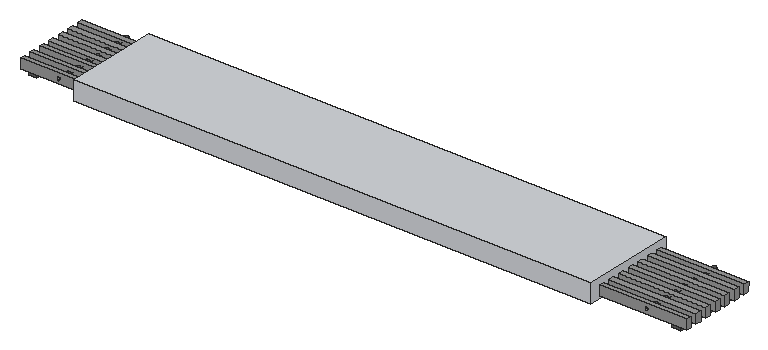
Revit family "1212-7, Veneer", category Generic Models, host Face, Revit 2020
Family settings
  Host = Face
  Can host rebar = No
  Round Connector Dimension = Use Diameter
  Part Type = Normal
  Cut with Voids When Loaded = No
  Shared = No
  Room Calculation Point = No
Parameters
  min_value [instance] = 1' - 11 1/4"  # constant formula
  max_value [instance] = 9' - 11 1/4"  # constant formula
  actual_value [instance] = if(NET LENGTH < min_value, min_value, if(NET LENGTH > max_value, max_value, NET LENGTH))  # 7' - 11 1/4"
  NET LENGTH [instance] = 7' - 11 1/4"
  IMPORTANT NOTE!!!                                                                             *Backer & dowel layout is for visualization purposes only, final layout to be determined by 9Wood. [instance] = ""
  Default Elevation = 4' - 0"
  DOWEL RADIUS [instance] = 0' - 0 1/4"  # constant formula
  BACKING M MATERIAL [instance] = BLACK-BACKERS
  .. MEMBER WIDTH [instance] = 0' - 0 3/4"  # constant formula
  .. MEMBER MATERIAL [instance] = Veneer Cherry
  .. MEMBER DEPTH [instance] = 0' - 1 3/8"  # constant formula
  .. MEMBER COUNT [instance] = 7  # constant formula
Reference planes (in)
  plane 1 "Center (Front/Back)": y = 0
  plane 2: z = 2.726
  plane 3 "Center (Left/Right)": x = 0
Forms (in)
  Extrusion 1, solid
    sketch origin (15, -0.86619, -0.99308) x (0, 1, 0) y (-1, 0, 0)
      loop
        line (3.42869, -23.66817) -> (3.42869, 50.25) -> (-10, 50.25) -> (-10, -23.66817) -> (3.42869, -23.66817)
    from 3.71908 to 1.00111
Dimensions and locks (in)
  aligned and locked: plane 2 to Extrusion 1
Nested families (in)
  nested 1: "1200 Series" at (-44, -2, 1.87867), NET LENGTH <- "actual_value", DOWEL RADII <- "DOWEL RADIUS", .. MEMBER WIDTH <- ".. MEMBER WIDTH", .. MEMBER DEPTH <- ".. MEMBER DEPTH", .. MEMBER MATERIAL <- ".. MEMBER MATERIAL", BACKING M MATERIAL <- "BACKING M MATERIAL", .. MEMBER COUNT <- ".. MEMBER COUNT", type "1200 Series"
    with X 7' - 4", WIDTH 1' - 0 1/16", Space 0' - 0 11/16", START 0' - 0 3/8", SCRIM MATERIAL SCRIM, SCRIM 3 8' - 1", SCRIM 2 0' - 0 7/8", SCRIM 1 0' - 0 3/32", SCRIM yes, NET LENGTH 7' - 11 1/4", N 8, INSET 3 0' - 0 3/16", INSET 0' - 1", INDEX 0' - 5 5/8", END BACKER yes, DOWEL RADII 0' - 0 1/4", DOWEL COUNT 8, BACKING M WIDTH 0' - 1 1/4", BACKING M MATERIAL BLACK-BACKERS, BACKING M LENGTH 0' - 11 7/8", BACKING M DEPTH 0' - 0 1/2", .. MEMBER WIDTH 0' - 0 3/4", .. MEMBER OC TYP 0' - 1.71429", .. MEMBER MATERIAL Veneer Cherry, .. MEMBER DEPTH 0' - 1 3/8", .. MEMBER COUNT 7
Definition of nested family "1200 Series"
  Parameters (values of type "1200 Series")
    X [instance] = NET LENGTH - (0' 3 5/8" * 2)  # 6' - 2"
    WIDTH [instance] = 1' - 0 1/16"
    Space [instance] = 0' - 0 11/16"  # constant formula
    START [instance] = .. MEMBER WIDTH / 2  # 0' - 0 3/8"
    SCRIM MATERIAL [instance] = none
    SCRIM 3 [instance] = NET LENGTH + (SCRIM 2 * 2)  # 6' - 11"
    SCRIM 2 [instance] = 0' - 0 7/8"
    SCRIM 1 [instance] = 0' - 0 3/32"
    SCRIM [instance] = yes
    NET LENGTH [instance] = 6' - 9 1/4"
    N [instance] = if((X - (rounddown(X / 1' 0") * 1' 0")) > 1' 0", rounddown(X / 1' 0") + 2, rounddown(X / 1' 0") + 1)  # 7
    INSET 3 [instance] = 0' - 0 3/16"
    INSET [instance] = 0' - 1"
    INDEX [instance] = (NET LENGTH - ((N - 1) * 1' 0")) / 2  # 0' - 4 5/8"
    END BACKER [instance] = yes
    Default Elevation = 0' - 0"
    DOWEL RADII [instance] = 0' - 0 1/4"
    DOWEL COUNT [instance] = N  # 7
    BACKING M WIDTH [instance] = 0' - 1 1/4"
    BACKING M MATERIAL [instance] = none
    BACKING M LENGTH [instance] = 0' - 11 7/8"
    BACKING M DEPTH [instance] = 0' - 0 1/2"
    .. MEMBER WIDTH [instance] = 0' - 0 3/4"
    .. MEMBER OC TYP [instance] = 1' 0" / .. MEMBER COUNT  # 0' - 3"
    .. MEMBER MATERIAL [instance] = none
    .. MEMBER DEPTH [instance] = 0' - 1 3/8"
    .. MEMBER COUNT [instance] = 4
  Reference planes (in)
    plane 1 "Center (Front/Back)": y = -7.5
    plane 2: z = 0
    plane 3 "Center (Left/Right)": x = 0
    plane 4: x = 1
    plane 5: x = 4.625
    plane 6: x = 81.25
    plane 7: x = 80.25
    plane 8: x = 16.625
    plane 9: y = -7.3125
    plane 10: y = -4.125
    plane 11: y = -7.125
    plane 12: y = 4.5625
    plane 13: y = -4.5
    plane 14: y = -7.59375
    plane 15: x = 82.125
    plane 16: y = 4.65625
    plane 17: x = -0.875
    plane 18: z = -1.375
    plane 19: z = -0.6875
  Lines and regions (in)
    model lines
      curve 1: line (4.375, -7.5, -0.6875) -> (4.875, -7.5, -0.6875)
    model lines, not visible
      curve 2: line (4.625, -7.5, -0.9375) -> (4.625, -7.5, -0.4375)
      curve 3: line (4.375, -7.5, -0.6875) -> (4.875, -7.5, -0.6875)
      curve 4: line (16.625, -7.5, -0.9375) -> (16.625, -7.5, -0.4375)
      curve 5: line (16.375, -7.5, -0.6875) -> (16.875, -7.5, -0.6875)
      curve 6: line (28.625, -7.5, -0.9375) -> (28.625, -7.5, -0.4375)
      curve 7: line (28.375, -7.5, -0.6875) -> (28.875, -7.5, -0.6875)
      curve 8: line (40.625, -7.5, -0.9375) -> (40.625, -7.5, -0.4375)
      curve 9: line (40.375, -7.5, -0.6875) -> (40.875, -7.5, -0.6875)
      curve 10: line (52.625, -7.5, -0.9375) -> (52.625, -7.5, -0.4375)
      curve 11: line (52.375, -7.5, -0.6875) -> (52.875, -7.5, -0.6875)
      curve 12: line (64.625, -7.5, -0.9375) -> (64.625, -7.5, -0.4375)
      curve 13: line (64.375, -7.5, -0.6875) -> (64.875, -7.5, -0.6875)
      curve 14: line (76.625, -7.5, -0.9375) -> (76.625, -7.5, -0.4375)
      curve 15: line (76.375, -7.5, -0.6875) -> (76.875, -7.5, -0.6875)
  Dimensions and locks (in)
    "NET LENGTH": plane 3 "Center (Left/Right)" to plane 6
    "INSET": plane 7 to plane 6
    "INDEX": plane 3 "Center (Left/Right)" to plane 5
    plane 5 to plane 8 = 1' - 0"
    "INSET 3": plane 1 "Center (Front/Back)" to plane 9
    equal spacing: group 1, group 2, group 3, group 4  (x3)
    "START": plane 11 to plane 1 "Center (Front/Back)"
    ".. MEMBER OC TYP": plane 10 to plane 11
    "WIDTH": plane 12 to plane 1 "Center (Front/Back)"
    "START": plane 10 to plane 13
    "SCRIM 1": plane 14 to plane 1 "Center (Front/Back)"
    "SCRIM 2": plane 6 to plane 15
    "SCRIM 1": plane 12 to plane 16
    "SCRIM 2": plane 17 to plane 3 "Center (Left/Right)"
    "INSET": plane 3 "Center (Left/Right)" to plane 4
    equal spacing: group 5, group 6, group 7, group 8, group 9, group 10, group 11  (x3)
    "Space": plane 19 to plane 18
    aligned and locked: level to plane 2
    aligned and locked: nested 1 to plane 4  (x2)
    aligned and locked: plane 7 to nested 2
    aligned and locked: plane 5 to nested 3
    aligned and locked: nested 1 to plane 9
    aligned and locked: plane 1 "Center (Front/Back)" to nested 4
    aligned and locked: plane 9 to nested 2
    aligned and locked: plane 13 to nested 5
    aligned and locked: nested 3 to plane 9
    aligned and locked: plane 18 to nested 1
    aligned and locked: plane 19 to nested 3
    aligned and locked: curve 1 to plane 19
    aligned and locked: plane 8 to curve 4
    aligned and locked: curve 5 to plane 19
    aligned and locked: nested 4 to plane 18
  Automatic sketch dimensions
    curve 1 to curve 1 = 0' - 0 1/2"
    curve 1 to plane 5 = 0' - 0 1/4"
    plane 5 to curve 1 = 0' - 0 1/4"
    curve 3 to curve 2 = 0' - 0 1/4"  (x2)
    curve 2 to curve 3 = 0' - 0 1/4"  (x2)
    curve 5 to curve 4 = 0' - 0 1/4"  (x2)
    curve 4 to curve 5 = 0' - 0 1/4"  (x2)
    curve 7 to curve 6 = 0' - 0 1/4"  (x2)
    curve 6 to curve 7 = 0' - 0 1/4"  (x2)
    curve 9 to curve 8 = 0' - 0 1/4"  (x2)
    curve 8 to curve 9 = 0' - 0 1/4"  (x2)
    curve 11 to curve 10 = 0' - 0 1/4"  (x2)
    curve 10 to curve 11 = 0' - 0 1/4"  (x2)
    curve 13 to curve 12 = 0' - 0 1/4"  (x2)
    curve 12 to curve 13 = 0' - 0 1/4"  (x2)
    curve 15 to curve 14 = 0' - 0 1/4"  (x2)
    curve 14 to curve 15 = 0' - 0 1/4"  (x2)
  Nested families (in)
    nested 1: "INSTANCE - 2ND -  EXTEND SIDE H CENTER W - Parametric Cube" at (1, -1.375, -1.375) x (0, -1, 0) z (0, 0, 1), Width <- "BACKING M LENGTH", Length <- "BACKING M WIDTH", Material <- "BACKING M MATERIAL", Height <- "BACKING M DEPTH", visible <- "END BACKER", type "INSTANCE - 2ND -  EXTEND SIDE H CENTER W - Parametric Cube"
      with Width 0' - 11 7/8", Material none, Length 0' - 1 1/4", Height 0' - 0 1/2"
    nested 2: "INSTANCE - 2ND -  EXTEND SIDE H CENTER W - Parametric Cube" at (80.25, -1.375, -1.375) x (0, -1, 0) z (0, 0, 1), Width <- "BACKING M LENGTH", Length <- "BACKING M WIDTH", Material <- "BACKING M MATERIAL", Height <- "BACKING M DEPTH", visible <- "END BACKER", type "INSTANCE - 2ND -  EXTEND SIDE H CENTER W - Parametric Cube"
      with Width 0' - 11 7/8", Material none, Length 0' - 1 1/4", Height 0' - 0 1/2"
    nested 3: "Family3" at (-5.375, -7.3125, -0.6875), DOWEL RADII <- "DOWEL RADII", BACKING MEM MATERIAL <- "BACKING M MATERIAL", type "Family3"
      with DOWEL RADII 0' - 0 1/4", DOWEL LENGTH 0' - 11 7/8", BACKING MEM MATERIAL none
    nested 4: "HOLED MEMBER" at (0, -18.75, 6.19404), DOWEL RADII <- "DOWEL RADII", .. MEMBER LENGTH <- "NET LENGTH", DOWEL COUNT <- "DOWEL COUNT", DEPTH <- ".. MEMBER DEPTH", .. MEMBER WIDTH <- ".. MEMBER WIDTH", Material <- ".. MEMBER MATERIAL", DOWEL INDEX <- "INDEX", Space 2 <- "Space", type "HOLED MEMBER"
      with Width 0' - 6", Space 2 0' - 0 11/16", Material none, Length 1' - 0", Height 0' - 10.43096", DOWEL RADII 0' - 0 1/4", DOWEL OC DIST 1' - 0", DOWEL INDEX 0' - 4 5/8", DOWEL COUNT 7, DEPTH 0' - 1 3/8", .. MEMBER WIDTH 0' - 0 3/4", .. MEMBER LENGTH 6' - 9 1/4"
    nested 5: "HOLED MEMBER" at (0, -15.75, 6.19404), DOWEL RADII <- "DOWEL RADII", .. MEMBER LENGTH <- "NET LENGTH", DOWEL COUNT <- "DOWEL COUNT", DEPTH <- ".. MEMBER DEPTH", .. MEMBER WIDTH <- ".. MEMBER WIDTH", Material <- ".. MEMBER MATERIAL", DOWEL INDEX <- "INDEX", Space 2 <- "Space", type "HOLED MEMBER"
      with Width 0' - 6", Space 2 0' - 0 11/16", Material none, Length 1' - 0", Height 0' - 10.43096", DOWEL RADII 0' - 0 1/4", DOWEL OC DIST 1' - 0", DOWEL INDEX 0' - 4 5/8", DOWEL COUNT 7, DEPTH 0' - 1 3/8", .. MEMBER WIDTH 0' - 0 3/4", .. MEMBER LENGTH 6' - 9 1/4"
    nested 6: "HOLED MEMBER" at (0, -12.75, 6.19404), DOWEL RADII <- "DOWEL RADII", .. MEMBER LENGTH <- "NET LENGTH", DOWEL COUNT <- "DOWEL COUNT", DEPTH <- ".. MEMBER DEPTH", .. MEMBER WIDTH <- ".. MEMBER WIDTH", Material <- ".. MEMBER MATERIAL", DOWEL INDEX <- "INDEX", Space 2 <- "Space", type "HOLED MEMBER"
      with Width 0' - 6", Space 2 0' - 0 11/16", Material none, Length 1' - 0", Height 0' - 10.43096", DOWEL RADII 0' - 0 1/4", DOWEL OC DIST 1' - 0", DOWEL INDEX 0' - 4 5/8", DOWEL COUNT 7, DEPTH 0' - 1 3/8", .. MEMBER WIDTH 0' - 0 3/4", .. MEMBER LENGTH 6' - 9 1/4"
    nested 7: "HOLED MEMBER" at (0, -9.75, 6.19404), DOWEL RADII <- "DOWEL RADII", .. MEMBER LENGTH <- "NET LENGTH", DOWEL COUNT <- "DOWEL COUNT", DEPTH <- ".. MEMBER DEPTH", .. MEMBER WIDTH <- ".. MEMBER WIDTH", Material <- ".. MEMBER MATERIAL", DOWEL INDEX <- "INDEX", Space 2 <- "Space", type "HOLED MEMBER"
      with Width 0' - 6", Space 2 0' - 0 11/16", Material none, Length 1' - 0", Height 0' - 10.43096", DOWEL RADII 0' - 0 1/4", DOWEL OC DIST 1' - 0", DOWEL INDEX 0' - 4 5/8", DOWEL COUNT 7, DEPTH 0' - 1 3/8", .. MEMBER WIDTH 0' - 0 3/4", .. MEMBER LENGTH 6' - 9 1/4"
    nested 8: "Family3" at (6.625, -7.3125, -0.6875), DOWEL RADII <- "DOWEL RADII", BACKING MEM MATERIAL <- "BACKING M MATERIAL", type "Family3"
      with DOWEL RADII 0' - 0 1/4", DOWEL LENGTH 0' - 11 7/8", BACKING MEM MATERIAL none
    nested 9: "Family3" at (18.625, -7.3125, -0.6875), DOWEL RADII <- "DOWEL RADII", BACKING MEM MATERIAL <- "BACKING M MATERIAL", type "Family3"
      with DOWEL RADII 0' - 0 1/4", DOWEL LENGTH 0' - 11 7/8", BACKING MEM MATERIAL none
    nested 10: "Family3" at (30.625, -7.3125, -0.6875), DOWEL RADII <- "DOWEL RADII", BACKING MEM MATERIAL <- "BACKING M MATERIAL", type "Family3"
      with DOWEL RADII 0' - 0 1/4", DOWEL LENGTH 0' - 11 7/8", BACKING MEM MATERIAL none
    nested 11: "Family3" at (42.625, -7.3125, -0.6875), DOWEL RADII <- "DOWEL RADII", BACKING MEM MATERIAL <- "BACKING M MATERIAL", type "Family3"
      with DOWEL RADII 0' - 0 1/4", DOWEL LENGTH 0' - 11 7/8", BACKING MEM MATERIAL none
    nested 12: "Family3" at (54.625, -7.3125, -0.6875), DOWEL RADII <- "DOWEL RADII", BACKING MEM MATERIAL <- "BACKING M MATERIAL", type "Family3"
      with DOWEL RADII 0' - 0 1/4", DOWEL LENGTH 0' - 11 7/8", BACKING MEM MATERIAL none
    nested 13: "Family3" at (66.625, -7.3125, -0.6875), DOWEL RADII <- "DOWEL RADII", BACKING MEM MATERIAL <- "BACKING M MATERIAL", type "Family3"
      with DOWEL RADII 0' - 0 1/4", DOWEL LENGTH 0' - 11 7/8", BACKING MEM MATERIAL none
  Definition of nested family "INSTANCE - 2ND -  EXTEND SIDE H CENTER W - Parametric Cube"
    Parameters (values of type "INSTANCE - 2ND -  EXTEND SIDE H CENTER W - Parametric Cube")
      Width [instance] = 0' - 6"
      Material [instance] = none
      Length [instance] = 1' - 0"
      Height [instance] = 1' - 6"
      Default Elevation = 0' - 0"
    Reference planes (in)
      plane 1 "Center (Front/Back)": y = 0
      plane 2: z = 0
      plane 3 "Center (Left/Right)": x = 0
      plane 4: x = -3
      plane 5: x = 3
      plane 6: y = 12
      plane 7: z = -18
    Forms (in)
      Extrusion 1, solid, material <- "Material"
        sketch origin (0, 6, 0) x (1, 0, 0) y (0, 1, 0)
          loop
            line (-3, 6) -> (-3, -6) -> (3, -6) -> (3, 6) -> (-3, 6)
        from -18 to 0
    Dimensions and locks (in)
      equal spacing: plane 4, plane 3 "Center (Left/Right)", plane 5
      "Width": plane 4 to plane 5
      "Height": plane 7 to level
      "Length": plane 1 "Center (Front/Back)" to plane 6
      aligned and locked: plane 2 to level
      aligned and locked: plane 4 to Extrusion 1 sketch curve
      aligned and locked: Extrusion 1 sketch curve to plane 5
      aligned and locked: Extrusion 1 to plane 7
      aligned and locked: plane 6 to Extrusion 1
    Automatic sketch dimensions
      plane 1 "Center (Front/Back)" to Extrusion 1 sketch curve = 0' - 0"
      plane 6 to Extrusion 1 sketch curve = 0' - 0"
  Definition of nested family "Family3"
    Parameters (values of type "Family3")
      Default Elevation = 0' - 0"
      DOWEL RADII [instance] = 0' - 0 5/8"
      DOWEL LENGTH [instance] = 0' - 5"
      BACKING MEM MATERIAL [instance] = none
    Reference planes (in)
      plane 1 "Center (Front/Back)": y = 0
      plane 2: z = 0
      plane 3 "Center (Left/Right)": x = 0
      plane 4: y = 5
    Forms (in)
      Extrusion 1, solid, material <- "BACKING MEM MATERIAL"
        sketch origin (10, 0, 0) x (1, 0, 0) y (0, 0, 1)
          loop
            circle (0, 0) r 0.625
        from 0 to -5
      Extrusion 2, solid, not visible
        sketch origin (0, 0, 0) x (1, 0, 0) y (0, 0, 1)
          loop
            circle (0, 0) r 0.625
        from 0 to 12
      Extrusion 3, solid, not visible
        sketch origin (10, 0, 0) x (1, 0, 0) y (0, 0, 1)
          loop
            circle (0, 0) r 0.625
        from 0 to 2.5
      Extrusion 4, solid, not visible
        sketch origin (10, 0, 0) x (1, 0, 0) y (0, 0, 1)
          loop
            circle (0, 0) r 0.625
        from 0 to -12
    Lines and regions (in)
      model lines, not visible
        curve 1: line (-13, 0, 0) -> (-13, -12, 0)
        curve 2: line (13, 0, 0) -> (13, -12, 0)
        curve 3: line (9.89453, 0, 0) -> (10.08794, 0, 0)
        curve 4: line (9.89453, -2.5, 0) -> (10.08794, -2.5, 0)
        curve 6: line (10, 0, 0) -> (10, 2, 0)
      model lines
        curve 5: line (10, 0, 0) -> (10, 2, 0)
    Dimensions and locks (in)
      "DOWEL LENGTH": plane 1 "Center (Front/Back)" to plane 4
      "DOWEL RADII": radius of Extrusion 1 sketch curve
      "DOWEL RADII": radius of Extrusion 2 sketch curve
      "DOWEL RADII": radius of Extrusion 3 sketch curve
      "DOWEL RADII": radius of Extrusion 4 sketch curve
      "DOWEL RADII": radius of Extrusion 1
      aligned and locked: plane 2 to level
      aligned and locked: Extrusion 1 to plane 1 "Center (Front/Back)"  (x3)
      aligned and locked: plane 1 "Center (Front/Back)" to Extrusion 1
      aligned and locked: plane 4 to Extrusion 1
    Automatic sketch dimensions
      plane 1 "Center (Front/Back)" to curve 5 = 0' - 0"
      curve 5 to plane 1 "Center (Front/Back)" = 0' - 2"
      plane 3 "Center (Left/Right)" to curve 5 = 0' - 10"
      Extrusion 1 sketch curve to level = 0' - 0"
      plane 3 "Center (Left/Right)" to Extrusion 1 sketch curve = 0' - 10"
  Definition of nested family "HOLED MEMBER"
    Parameters (values of type "HOLED MEMBER")
      Width [instance] = 0' - 6"
      Space 2 [instance] = 0' - 0 5/8"
      Space = 0' - 0 5/8"
      Material [instance] = none
      Length [instance] = 1' - 0"
      Height [instance] = 0' - 10.43096"
      Default Elevation = 0' - 0"
      DOWEL RADII [instance] = 0' - 0.34537"
      DOWEL OC DIST [instance] = 1' - 0"
      DOWEL INSET = 0' - 0 5/8"
      DOWEL INDEX [instance] = 0' - 5 5/8"
      DOWEL COUNT [instance] = 6
      DEPTH [instance] = 0' - 2"
      .. MEMBER WIDTH [instance] = 0' - 0 5/8"
      .. MEMBER LENGTH [instance] = 5' - 11 3/4"
    Reference planes (in)
      plane 1 "Center (Front/Back)": y = 12
      plane 2: z = -7.56904
      plane 3 "Center (Left/Right)": x = 0
      plane 4: x = 5.625
      plane 5: x = 17.625
      plane 6: y = 11.375
      plane 7: x = 71.75
      plane 8: z = -6.94404
      plane 9: z = -5.56904
    Forms (in)
      Extrusion 1, solid, material <- "Material"
        sketch origin (0, 12, -13.56904) x (1, 0, 0) y (0, 0, 1)
          loop
            line (0, 6) -> (71.75, 6) -> (71.75, 8) -> (0, 8) -> (0, 6)
        from 0.625 to 0
      Extrusion 2, void
        sketch origin (0, 12, -18.31904) x (1, 0, 0) y (0, 0, 1)
          loop
            circle (5.625, 11.375) r 0.34537
        from 0 to 12
      Extrusion 3, void, not visible
        sketch origin (0, 1.25, 0) x (1, 0, 0) y (0, 1, 0)
          loop
            circle (5.625, 11.375) r 0.34537
        from 0 to 12
      Extrusion 4, void, not visible
        sketch origin (0, 1.25, 0) x (1, 0, 0) y (0, 1, 0)
          loop
            circle (5.625, 11.375) r 0.34537
        from 0 to 12
      Extrusion 5, void, not visible
        sketch origin (12, 1.25, 0) x (1, 0, 0) y (0, 1, 0)
          loop
            circle (5.625, 11.375) r 0.34537
        from 0 to 12
      Extrusion 6, void, not visible
        sketch origin (0, 12, -16.31904) x (1, 0, 0) y (0, 0, 1)
          loop
            circle (5.625, 11.375) r 0.34537
        from 0 to 12
      Extrusion 7, void, not visible
        sketch origin (12, 12, -16.31904) x (1, 0, 0) y (0, 0, 1)
          loop
            circle (5.625, 11.375) r 0.34537
        from 0 to 12
      Extrusion 8, void, not visible
        sketch origin (0, 12, -18.31904) x (1, 0, 0) y (0, 0, 1)
          loop
            circle (5.625, 11.375) r 0.34537
        from 0 to 12
      Extrusion 9, void
        sketch origin (12, 12, -18.31904) x (1, 0, 0) y (0, 0, 1)
          loop
            circle (5.625, 11.375) r 0.34537
        from 0 to 12
      Extrusion 10, void, not visible
        sketch origin (24, 12, -16.31904) x (1, 0, 0) y (0, 0, 1)
          loop
            circle (5.625, 11.375) r 0.34537
        from 0 to 12
      Extrusion 11, void, not visible
        sketch origin (36, 12, -16.31904) x (1, 0, 0) y (0, 0, 1)
          loop
            circle (5.625, 11.375) r 0.34537
        from 0 to 12
      Extrusion 12, void, not visible
        sketch origin (48, 12, -16.31904) x (1, 0, 0) y (0, 0, 1)
          loop
            circle (5.625, 11.375) r 0.34537
        from 0 to 12
      Extrusion 13, void, not visible
        sketch origin (60, 12, -16.31904) x (1, 0, 0) y (0, 0, 1)
          loop
            circle (5.625, 11.375) r 0.34537
        from 0 to 12
      Extrusion 14, void, not visible
        sketch origin (24, 1.25, 0) x (1, 0, 0) y (0, 1, 0)
          loop
            circle (5.625, 11.375) r 0.34537
        from 0 to 12
      Extrusion 15, void, not visible
        sketch origin (36, 1.25, 0) x (1, 0, 0) y (0, 1, 0)
          loop
            circle (5.625, 11.375) r 0.34537
        from 0 to 12
      Extrusion 16, void, not visible
        sketch origin (48, 1.25, 0) x (1, 0, 0) y (0, 1, 0)
          loop
            circle (5.625, 11.375) r 0.34537
        from 0 to 12
      Extrusion 17, void, not visible
        sketch origin (60, 1.25, 0) x (1, 0, 0) y (0, 1, 0)
          loop
            circle (5.625, 11.375) r 0.34537
        from 0 to 12
      Extrusion 18, void
        sketch origin (24, 12, -18.31904) x (1, 0, 0) y (0, 0, 1)
          loop
            circle (5.625, 11.375) r 0.34537
        from 0 to 12
      Extrusion 19, void
        sketch origin (36, 12, -18.31904) x (1, 0, 0) y (0, 0, 1)
          loop
            circle (5.625, 11.375) r 0.34537
        from 0 to 12
      Extrusion 20, void
        sketch origin (48, 12, -18.31904) x (1, 0, 0) y (0, 0, 1)
          loop
            circle (5.625, 11.375) r 0.34537
        from 0 to 12
      Extrusion 21, void
        sketch origin (60, 12, -18.31904) x (1, 0, 0) y (0, 0, 1)
          loop
            circle (5.625, 11.375) r 0.34537
        from 0 to 12
    Cuts and joins
      Extrusion 2, Extrusion 9, Extrusion 18, Extrusion 19, Extrusion 20, Extrusion 21 cuts Extrusion 1
    Lines and regions (in)
      model lines, not visible
        curve 1: line (5.625, 11.72037, 0) -> (5.625, 11.02963, 0)
        curve 2: line (5.625, 11.72037, 0) -> (5.625, 11.02963, 0)
        curve 3: line (17.625, 11.72037, 0) -> (17.625, 11.02963, 0)
        curve 4: line (5.625, 12, -7.56904) -> (5.625, 11.87317, -7.56904)
        curve 5: line (5.625, 11.87317, -7.56904) -> (5.06195, 11.87317, -7.56904)
        curve 6: line (5.06195, 11.87317, -7.56904) -> (5.27963, 11.375, -7.56904)
        curve 7: line (0, 12, -6.19404) -> (0, 11.61951, -6.19404)
        curve 8: line (0, 11.375, -8.19404) -> (0, 11.6747, -8.19404)
        curve 9: line (5.625, 12, -7.56904) -> (5.625, 11.69863, -7.56904)
        curve 11: line (5.625, 12, 0) -> (5.625, 12, 0.30137)
        curve 12: line (5.625, 12, 0) -> (5.625, 12, 0.30137)
        curve 13: line (17.625, 12, 0) -> (17.625, 12, 0.30137)
        curve 14: line (5.625, 12, -5.56904) -> (5.625, 11.69863, -5.56904)
        curve 15: line (17.625, 12, -5.56904) -> (17.625, 11.69863, -5.56904)
        curve 16: line (5.625, 12, -7.56904) -> (5.625, 11.69863, -7.56904)
        curve 18: line (29.625, 12, -5.56904) -> (29.625, 11.69863, -5.56904)
        curve 19: line (41.625, 12, -5.56904) -> (41.625, 11.69863, -5.56904)
        curve 20: line (53.625, 12, -5.56904) -> (53.625, 11.69863, -5.56904)
        curve 21: line (65.625, 12, -5.56904) -> (65.625, 11.69863, -5.56904)
        curve 22: line (29.625, 11.72037, 0) -> (29.625, 11.02963, 0)
        curve 23: line (29.625, 12, 0) -> (29.625, 12, 0.30137)
        curve 24: line (41.625, 11.72037, 0) -> (41.625, 11.02963, 0)
        curve 25: line (41.625, 12, 0) -> (41.625, 12, 0.30137)
        curve 26: line (53.625, 11.72037, 0) -> (53.625, 11.02963, 0)
        curve 27: line (53.625, 12, 0) -> (53.625, 12, 0.30137)
        curve 28: line (65.625, 11.72037, 0) -> (65.625, 11.02963, 0)
        curve 29: line (65.625, 12, 0) -> (65.625, 12, 0.30137)
        curve 35: line (5.27963, 12.625, 0) -> (5.97037, 12.625, 0)
        curve 36: line (5.27963, 12.625, 0) -> (5.97037, 12.625, 0)
        curve 37: line (17.27963, 12.625, 0) -> (17.97037, 12.625, 0)
        curve 38: line (5.27963, 12, -4.94404) -> (5.97037, 12, -4.94404)
        curve 39: line (17.27963, 12, -4.94404) -> (17.97037, 12, -4.94404)
        curve 40: line (5.27963, 12, -6.94404) -> (5.97037, 12, -6.94404)
        curve 42: line (29.27963, 12, -4.94404) -> (29.97037, 12, -4.94404)
        curve 43: line (41.27963, 12, -4.94404) -> (41.97037, 12, -4.94404)
        curve 44: line (53.27963, 12, -4.94404) -> (53.97037, 12, -4.94404)
        curve 45: line (65.27963, 12, -4.94404) -> (65.97037, 12, -4.94404)
        curve 46: line (29.27963, 12.625, 0) -> (29.97037, 12.625, 0)
        curve 47: line (41.27963, 12.625, 0) -> (41.97037, 12.625, 0)
        curve 48: line (53.27963, 12.625, 0) -> (53.97037, 12.625, 0)
        curve 49: line (65.27963, 12.625, 0) -> (65.97037, 12.625, 0)
        curve 54: line (0, 12, -6.94404) -> (0, 4.22059, -6.94404)
        curve 55: line (0, 12.625, 0) -> (0, 12.625, 7.77941)
        curve 56: line (0, 12.625, 0) -> (0, 12.625, 7.77941)
        curve 57: line (12, 12.625, 0) -> (12, 12.625, 7.77941)
        curve 58: line (0, 12, -4.94404) -> (0, 4.22059, -4.94404)
        curve 59: line (12, 12, -4.94404) -> (12, 4.22059, -4.94404)
        curve 60: line (0, 12, -6.94404) -> (0, 4.22059, -6.94404)
        curve 61: line (12, 12, -6.94404) -> (12, 4.22059, -6.94404)
        curve 62: line (24, 12, -4.94404) -> (24, 4.22059, -4.94404)
        curve 63: line (36, 12, -4.94404) -> (36, 4.22059, -4.94404)
        curve 64: line (48, 12, -4.94404) -> (48, 4.22059, -4.94404)
        curve 65: line (60, 12, -4.94404) -> (60, 4.22059, -4.94404)
        curve 66: line (24, 12.625, 0) -> (24, 12.625, 7.77941)
        curve 67: line (36, 12.625, 0) -> (36, 12.625, 7.77941)
        curve 68: line (48, 12.625, 0) -> (48, 12.625, 7.77941)
        curve 69: line (60, 12.625, 0) -> (60, 12.625, 7.77941)
        curve 70: line (24, 12, -6.94404) -> (24, 4.22059, -6.94404)
        curve 71: line (36, 12, -6.94404) -> (36, 4.22059, -6.94404)
        curve 72: line (48, 12, -6.94404) -> (48, 4.22059, -6.94404)
        curve 73: line (60, 12, -6.94404) -> (60, 4.22059, -6.94404)
      model lines
        curve 10: line (5.625, 12, -7.56904) -> (5.625, 11.69863, -7.56904)
        curve 17: line (17.625, 12, -7.56904) -> (17.625, 11.69863, -7.56904)
        curve 30: line (29.625, 12, -7.56904) -> (29.625, 11.69863, -7.56904)
        curve 31: line (41.625, 12, -7.56904) -> (41.625, 11.69863, -7.56904)
        curve 32: line (53.625, 12, -7.56904) -> (53.625, 11.69863, -7.56904)
        curve 33: line (65.625, 12, -7.56904) -> (65.625, 11.69863, -7.56904)
        curve 34: line (5.27963, 12, -6.94404) -> (5.97037, 12, -6.94404)
        curve 41: line (17.27963, 12, -6.94404) -> (17.97037, 12, -6.94404)
        curve 50: line (29.27963, 12, -6.94404) -> (29.97037, 12, -6.94404)
        curve 51: line (41.27963, 12, -6.94404) -> (41.97037, 12, -6.94404)
        curve 52: line (53.27963, 12, -6.94404) -> (53.97037, 12, -6.94404)
        curve 53: line (65.27963, 12, -6.94404) -> (65.97037, 12, -6.94404)
    Dimensions and locks (in)
      "DOWEL INDEX": plane 3 "Center (Left/Right)" to plane 4
      "DOWEL OC DIST": plane 4 to plane 5
      ".. MEMBER LENGTH": plane 3 "Center (Left/Right)" to plane 7
      equal spacing: group 3, group 4, group 17, group 18, group 19, group 20  (x3)
      equal spacing: group 7, group 8, group 13, group 14, group 15, group 16  (x3)
      equal spacing: group 1, group 12, group 21, group 22, group 23, group 24  (x3)
      ".. MEMBER WIDTH": plane 6 to plane 1 "Center (Front/Back)"
      "DEPTH": plane 9 to level
      "Space 2": plane 8 to level
      "DOWEL RADII": radius of Extrusion 2 sketch curve
      "DOWEL RADII": radius of Extrusion 3 sketch curve
      "DOWEL RADII": radius of Extrusion 4 sketch curve
      "DOWEL RADII": radius of Extrusion 5 sketch curve
      "DOWEL RADII": radius of Extrusion 6 sketch curve
      "DOWEL RADII": radius of Extrusion 7 sketch curve
      "DOWEL RADII": radius of Extrusion 8 sketch curve
      "DOWEL RADII": radius of Extrusion 9 sketch curve
      "DOWEL RADII": radius of Extrusion 10 sketch curve
      "DOWEL RADII": radius of Extrusion 11 sketch curve
      "DOWEL RADII": radius of Extrusion 12 sketch curve
      "DOWEL RADII": radius of Extrusion 13 sketch curve
      "DOWEL RADII": radius of Extrusion 14 sketch curve
      "DOWEL RADII": radius of Extrusion 15 sketch curve
      "DOWEL RADII": radius of Extrusion 16 sketch curve
      "DOWEL RADII": radius of Extrusion 17 sketch curve
      "DOWEL RADII": radius of Extrusion 18 sketch curve
      "DOWEL RADII": radius of Extrusion 19 sketch curve
      "DOWEL RADII": radius of Extrusion 20 sketch curve
      "DOWEL RADII": radius of Extrusion 21 sketch curve
      aligned and locked: level to plane 2
      aligned and locked: Extrusion 1 to plane 3 "Center (Left/Right)"  (x2)
      aligned and locked: plane 7 to cut or joined group of Extrusion 1, Extrusion 2, Extrusion 9, Extrusion 18, Extrusion 19, Extrusion 20, Extrusion 21  (x2)
      aligned and locked: cut or joined group of Extrusion 1, Extrusion 2, Extrusion 9, Extrusion 18, Extrusion 19, Extrusion 20, Extrusion 21 to plane 1 "Center (Front/Back)"  (x2)
      aligned and locked: cut or joined group of Extrusion 1, Extrusion 2, Extrusion 9, Extrusion 18, Extrusion 19, Extrusion 20, Extrusion 21 to plane 6  (x2)
      aligned and locked: plane 4 to curve 10
      aligned and locked: plane 5 to curve 17
      aligned and locked: plane 9 to cut or joined group of Extrusion 1, Extrusion 2, Extrusion 9, Extrusion 18, Extrusion 19, Extrusion 20, Extrusion 21  (x2)
      aligned and locked: cut or joined group of Extrusion 1, Extrusion 2, Extrusion 9, Extrusion 18, Extrusion 19, Extrusion 20, Extrusion 21 to level
      aligned and locked: plane 8 to Extrusion 2
      aligned and locked: curve 34 to plane 8
      aligned and locked: curve 41 to plane 8
      aligned and locked: level to curve 10
      aligned and locked: curve 10 to level
      aligned and locked: plane 8 to cut or joined group of Extrusion 1, Extrusion 2, Extrusion 9, Extrusion 18, Extrusion 19, Extrusion 20, Extrusion 21
      aligned and locked: curve 54 to plane 8
    Automatic sketch dimensions
      curve 1 to curve 1 = 0' - 0.69074"
      curve 2 to curve 2 = 0' - 0.69074"
      curve 3 to curve 3 = 0' - 0.69074"
      Extrusion 1 sketch curve to plane 3 "Center (Left/Right)" = 0' - 0"
      Extrusion 1 sketch curve to plane 7 = 0' - 0"
      Extrusion 1 sketch curve to Extrusion 1 sketch curve = 0' - 2"
      level to Extrusion 1 sketch curve = 0' - 0"
      curve 9 to curve 9 = 0' - 0.30137"
      curve 10 to curve 10 = 0' - 0.30137"
      curve 11 to curve 11 = 0' - 0.30137"
      curve 12 to curve 12 = 0' - 0.30137"
      curve 13 to curve 13 = 0' - 0.30137"
      curve 14 to curve 14 = 0' - 0.30137"
      curve 15 to curve 15 = 0' - 0.30137"
      curve 16 to curve 16 = 0' - 0.30137"
      curve 17 to curve 17 = 0' - 0.30137"
      curve 18 to curve 18 = 0' - 0.30137"
      curve 19 to curve 19 = 0' - 0.30137"
      curve 20 to curve 20 = 0' - 0.30137"
      curve 21 to curve 21 = 0' - 0.30137"
      curve 22 to curve 22 = 0' - 0.69074"
      curve 23 to curve 23 = 0' - 0.30137"
      curve 24 to curve 24 = 0' - 0.69074"
      curve 25 to curve 25 = 0' - 0.30137"
      curve 26 to curve 26 = 0' - 0.69074"
      curve 27 to curve 27 = 0' - 0.30137"
      curve 28 to curve 28 = 0' - 0.69074"
      curve 29 to curve 29 = 0' - 0.30137"
      curve 30 to curve 30 = 0' - 0.30137"
      curve 31 to curve 31 = 0' - 0.30137"
      curve 32 to curve 32 = 0' - 0.30137"
      curve 33 to curve 33 = 0' - 0.30137"
      curve 34 to curve 34 = 0' - 0.69074"
      curve 35 to curve 35 = 0' - 0.69074"
      curve 36 to curve 36 = 0' - 0.69074"
      curve 37 to curve 37 = 0' - 0.69074"
      curve 38 to curve 38 = 0' - 0.69074"
      curve 39 to curve 39 = 0' - 0.69074"
      curve 40 to curve 40 = 0' - 0.69074"
      curve 41 to curve 41 = 0' - 0.69074"
      curve 42 to curve 42 = 0' - 0.69074"
      curve 43 to curve 43 = 0' - 0.69074"
      curve 44 to curve 44 = 0' - 0.69074"
      curve 45 to curve 45 = 0' - 0.69074"
      curve 46 to curve 46 = 0' - 0.69074"
      curve 47 to curve 47 = 0' - 0.69074"
      curve 48 to curve 48 = 0' - 0.69074"
      curve 49 to curve 49 = 0' - 0.69074"
      curve 50 to curve 50 = 0' - 0.69074"
      curve 51 to curve 51 = 0' - 0.69074"
      curve 52 to curve 52 = 0' - 0.69074"
      curve 53 to curve 53 = 0' - 0.69074"
      curve 54 to curve 54 = 0' - 7.77941"
      curve 55 to curve 55 = 0' - 7.77941"
      curve 56 to curve 56 = 0' - 7.77941"
      curve 57 to curve 57 = 0' - 7.77941"
      curve 58 to curve 58 = 0' - 7.77941"
      curve 59 to curve 59 = 0' - 7.77941"
      curve 60 to curve 60 = 0' - 7.77941"
      curve 61 to curve 61 = 0' - 7.77941"
      curve 62 to curve 62 = 0' - 7.77941"
      curve 63 to curve 63 = 0' - 7.77941"
      curve 64 to curve 64 = 0' - 7.77941"
      curve 65 to curve 65 = 0' - 7.77941"
      curve 66 to curve 66 = 0' - 7.77941"
      curve 67 to curve 67 = 0' - 7.77941"
      curve 68 to curve 68 = 0' - 7.77941"
      curve 69 to curve 69 = 0' - 7.77941"
      curve 70 to curve 70 = 0' - 7.77941"
      curve 71 to curve 71 = 0' - 7.77941"
      curve 72 to curve 72 = 0' - 7.77941"
      curve 73 to curve 73 = 0' - 7.77941"
